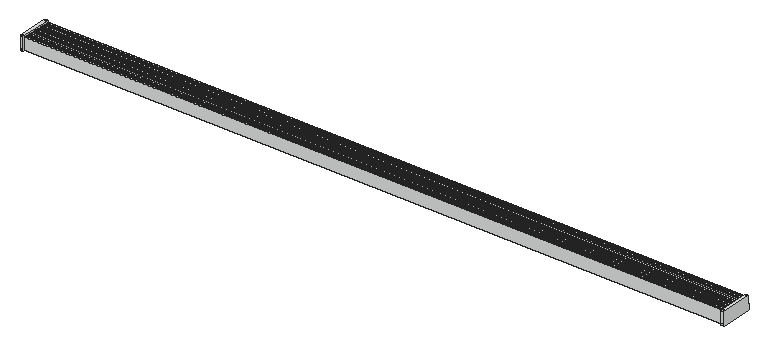
Revit family "Shower-Drain_Cover-KOHLER-Linear-K-80655", category Specialty Equipment, host Face, Revit 2017 (continued)
Definition of nested family "K-80655"
  Lines and regions (in)
    symbolic lines, detail levels medium+fine
      curve 2706: line (15.171, -0.19, 0) -> (15.171, -0.05, 0)
      curve 2707: line (15.8338, -0.29, 0) -> (15.171, -0.29, 0)
      curve 2708: line (15.8338, -0.43, 0) -> (15.171, -0.43, 0)
      curve 2709: line (15.8338, -0.19, 0) -> (15.171, -0.19, 0)
      curve 2710: line (15.8338, -0.05, 0) -> (15.171, -0.05, 0)
      curve 2711: line (15.8338, 1.01, 0) -> (15.8338, 1.05059, 0)
      curve 2712: arc (15.8338, 1.05059, 0) -> (15.80469, 1.12088, 0) -> (15.7344, 1.15, 0) r 0.09941
      curve 2713: line (15.8338, -1.01, 0) -> (15.8338, -1.04681, 0)
      curve 2714: arc (15.8338, -1.04681, 0) -> (15.80358, -1.11978, 0) -> (15.73061, -1.15, 0) r 0.10319
      curve 2715: line (15.05827, 0.05, 0) -> (15.05827, 0.19, 0)
      curve 2716: line (14.49459, 1.15, 0) -> (14.95886, 1.15, 0)
      curve 2717: line (14.39547, 1.05088, 0) -> (14.39547, 1.01, 0)
      curve 2718: arc (14.39547, 1.05088, 0) -> (14.4245, 1.12097, 0) -> (14.49459, 1.15, 0) r 0.09912
      curve 2719: line (14.39547, 0.91, 0) -> (15.05827, 0.91, 0)
      curve 2720: line (15.05827, 1.01, 0) -> (14.39547, 1.01, 0)
      curve 2721: line (14.39547, 0.91, 0) -> (14.39547, 0.77, 0)
      curve 2722: line (14.39547, 0.67, 0) -> (14.39547, 0.53, 0)
      curve 2723: line (15.05827, 0.77, 0) -> (14.39547, 0.77, 0)
      curve 2724: line (15.05827, 0.77, 0) -> (15.05827, 0.91, 0)
      curve 2725: line (15.05827, 0.67, 0) -> (14.39547, 0.67, 0)
      curve 2726: line (15.05827, 0.53, 0) -> (14.39547, 0.53, 0)
      curve 2727: line (14.39547, 0.43, 0) -> (14.39547, 0.29, 0)
      curve 2728: line (15.05827, 0.53, 0) -> (15.05827, 0.67, 0)
      curve 2729: line (15.05827, 0.29, 0) -> (15.05827, 0.43, 0)
      curve 2730: line (14.39547, 0.19, 0) -> (14.39547, 0.05, 0)
      curve 2731: line (15.05827, 0.29, 0) -> (14.39547, 0.29, 0)
      curve 2732: line (15.05827, 0.43, 0) -> (14.39547, 0.43, 0)
      curve 2733: line (15.05827, 0.19, 0) -> (14.39547, 0.19, 0)
      curve 2734: line (15.05827, 0.05, 0) -> (14.39547, 0.05, 0)
      curve 2735: line (15.05827, -0.05, 0) -> (15.05827, -0.19, 0)
      curve 2736: line (14.49459, -1.15, 0) -> (14.95508, -1.15, 0)
      curve 2737: line (14.39547, -1.05088, 0) -> (14.39547, -1.01, 0)
      curve 2738: arc (14.39547, -1.05088, 0) -> (14.4245, -1.12097, 0) -> (14.49459, -1.15, 0) r 0.09912
      curve 2739: line (14.39547, -0.91, 0) -> (15.05827, -0.91, 0)
      curve 2740: line (15.05827, -1.01, 0) -> (14.39547, -1.01, 0)
      curve 2741: line (14.39547, -0.91, 0) -> (14.39547, -0.77, 0)
      curve 2742: line (14.39547, -0.67, 0) -> (14.39547, -0.53, 0)
      curve 2743: line (15.05827, -0.77, 0) -> (14.39547, -0.77, 0)
      curve 2744: line (15.05827, -0.77, 0) -> (15.05827, -0.91, 0)
      curve 2745: line (15.05827, -0.67, 0) -> (14.39547, -0.67, 0)
      curve 2746: line (15.05827, -0.53, 0) -> (14.39547, -0.53, 0)
      curve 2747: line (14.39547, -0.43, 0) -> (14.39547, -0.29, 0)
      curve 2748: line (15.05827, -0.53, 0) -> (15.05827, -0.67, 0)
      curve 2749: line (15.05827, -0.29, 0) -> (15.05827, -0.43, 0)
      curve 2750: line (14.39547, -0.19, 0) -> (14.39547, -0.05, 0)
      curve 2751: line (15.05827, -0.29, 0) -> (14.39547, -0.29, 0)
      curve 2752: line (15.05827, -0.43, 0) -> (14.39547, -0.43, 0)
      curve 2753: line (15.05827, -0.19, 0) -> (14.39547, -0.19, 0)
      curve 2754: line (15.05827, -0.05, 0) -> (14.39547, -0.05, 0)
      curve 2755: line (15.05827, 1.01, 0) -> (15.05827, 1.05059, 0)
      curve 2756: arc (15.05827, 1.05059, 0) -> (15.02916, 1.12088, 0) -> (14.95886, 1.15, 0) r 0.09941
      curve 2757: line (15.05827, -1.01, 0) -> (15.05827, -1.04681, 0)
      curve 2758: arc (15.05827, -1.04681, 0) -> (15.02805, -1.11978, 0) -> (14.95508, -1.15, 0) r 0.10319
      curve 2759: line (13.61936, 0.05, 0) -> (13.61936, 0.19, 0)
      curve 2760: arc (13.61936, 0.83109, 0) -> (13.63109, 0.87565, 0) -> (13.6618, 0.91, 0) r 0.09854
      curve 2761: arc (13.72671, 1.01, 0) -> (13.72965, 1.02893, 0) -> (13.73039, 1.04807, 0) r 0.16707
      curve 2762: line (14.18304, 1.15, 0) -> (13.83047, 1.15, 0)
      curve 2763: arc (14.28216, 1.05088, 0) -> (14.25312, 1.12097, 0) -> (14.18304, 1.15, 0) r 0.09912
      curve 2764: arc (13.83047, 1.15, 0) -> (13.75904, 1.12003, 0) -> (13.73039, 1.04807, 0) r 0.10009
      curve 2765: arc (13.476, 1.01, 0) -> (13.56336, 1.13911, 0) -> (13.65071, 1.01, 0) r 0.09411
      curve 2766: line (13.50736, 0.05, 0) -> (13.50736, 0.19, 0)
      curve 2767: arc (13.50736, 0.83109, 0) -> (13.49562, 0.87565, 0) -> (13.46491, 0.91, 0) r 0.09854
      curve 2768: arc (13.4, 1.01, 0) -> (13.39707, 1.02893, 0) -> (13.39632, 1.04807, 0) r 0.16707
      curve 2769: line (12.94368, 1.15, 0) -> (13.29625, 1.15, 0)
      curve 2770: line (12.84456, 1.05088, 0) -> (12.84456, 1.01, 0)
      curve 2771: arc (12.84456, 1.05088, 0) -> (12.87359, 1.12097, 0) -> (12.94368, 1.15, 0) r 0.09912
      curve 2772: arc (13.29625, 1.15, 0) -> (13.36767, 1.12003, 0) -> (13.39632, 1.04807, 0) r 0.10009
      curve 2773: line (12.84456, 0.91, 0) -> (13.46491, 0.91, 0)
      curve 2774: line (14.28216, 0.05, 0) -> (14.28216, 0.19, 0)
      curve 2775: line (14.28216, 1.01, 0) -> (13.72671, 1.01, 0)
      curve 2776: line (13.4, 1.01, 0) -> (12.84456, 1.01, 0)
      curve 2777: line (13.65071, 1.01, 0) -> (13.476, 1.01, 0)
      curve 2778: line (14.28216, 1.01, 0) -> (14.28216, 1.05088, 0)
      curve 2779: line (12.84456, 0.91, 0) -> (12.84456, 0.77, 0)
      curve 2780: line (14.28216, 0.77, 0) -> (13.61936, 0.77, 0)
      curve 2781: line (13.6618, 0.91, 0) -> (14.28216, 0.91, 0)
      curve 2782: line (12.84456, 0.67, 0) -> (12.84456, 0.53, 0)
      curve 2783: line (13.50736, 0.77, 0) -> (12.84456, 0.77, 0)
      curve 2784: line (13.61936, 0.77, 0) -> (13.61936, 0.83109, 0)
      curve 2785: line (13.50736, 0.77, 0) -> (13.50736, 0.83109, 0)
      curve 2786: line (14.28216, 0.77, 0) -> (14.28216, 0.91, 0)
      curve 2787: line (14.28216, 0.67, 0) -> (13.61936, 0.67, 0)
      curve 2788: line (14.28216, 0.53, 0) -> (13.61936, 0.53, 0)
      curve 2789: line (13.50736, 0.67, 0) -> (12.84456, 0.67, 0)
      curve 2790: line (13.50736, 0.53, 0) -> (12.84456, 0.53, 0)
      curve 2791: line (14.28216, 0.53, 0) -> (14.28216, 0.67, 0)
      curve 2792: line (12.84456, 0.43, 0) -> (12.84456, 0.29, 0)
      curve 2793: line (13.50736, 0.53, 0) -> (13.50736, 0.67, 0)
      curve 2794: line (13.61936, 0.53, 0) -> (13.61936, 0.67, 0)
      curve 2795: line (14.28216, 0.43, 0) -> (13.61936, 0.43, 0)
      curve 2796: line (14.28216, 0.29, 0) -> (13.61936, 0.29, 0)
      curve 2797: line (14.28216, 0.29, 0) -> (14.28216, 0.43, 0)
      curve 2798: line (13.61936, 0.29, 0) -> (13.61936, 0.43, 0)
      curve 2799: line (13.50736, 0.29, 0) -> (13.50736, 0.43, 0)
      curve 2800: line (12.84456, 0.19, 0) -> (12.84456, 0.05, 0)
      curve 2801: line (13.50736, 0.29, 0) -> (12.84456, 0.29, 0)
      curve 2802: line (13.50736, 0.43, 0) -> (12.84456, 0.43, 0)
      curve 2803: line (14.28216, 0.19, 0) -> (13.61936, 0.19, 0)
      curve 2804: line (14.28216, 0.05, 0) -> (13.61936, 0.05, 0)
      curve 2805: line (13.50736, 0.19, 0) -> (12.84456, 0.19, 0)
      curve 2806: line (13.50736, 0.05, 0) -> (12.84456, 0.05, 0)
      curve 2807: line (13.61936, -0.05, 0) -> (13.61936, -0.19, 0)
      curve 2808: arc (13.61936, -0.83109, 0) -> (13.63109, -0.87565, 0) -> (13.6618, -0.91, 0) r 0.09854
      curve 2809: arc (13.72671, -1.01, 0) -> (13.72965, -1.02893, 0) -> (13.73039, -1.04807, 0) r 0.16707
      curve 2810: line (14.18304, -1.15, 0) -> (13.83047, -1.15, 0)
      curve 2811: arc (14.28216, -1.05088, 0) -> (14.25312, -1.12097, 0) -> (14.18304, -1.15, 0) r 0.09912
      curve 2812: arc (13.83047, -1.15, 0) -> (13.75904, -1.12003, 0) -> (13.73039, -1.04807, 0) r 0.10009
      curve 2813: arc (13.476, -1.01, 0) -> (13.56336, -1.13911, 0) -> (13.65071, -1.01, 0) r 0.09411
      curve 2814: line (13.50736, -0.05, 0) -> (13.50736, -0.19, 0)
      curve 2815: arc (13.50736, -0.83109, 0) -> (13.49562, -0.87565, 0) -> (13.46491, -0.91, 0) r 0.09854
      curve 2816: arc (13.4, -1.01, 0) -> (13.39707, -1.02893, 0) -> (13.39632, -1.04807, 0) r 0.16707
      curve 2817: line (12.94368, -1.15, 0) -> (13.29625, -1.15, 0)
      curve 2818: line (12.84456, -1.05088, 0) -> (12.84456, -1.01, 0)
      curve 2819: arc (12.84456, -1.05088, 0) -> (12.87359, -1.12097, 0) -> (12.94368, -1.15, 0) r 0.09912
      curve 2820: arc (13.29625, -1.15, 0) -> (13.36767, -1.12003, 0) -> (13.39632, -1.04807, 0) r 0.10009
      curve 2821: line (12.84456, -0.91, 0) -> (13.46491, -0.91, 0)
      curve 2822: line (14.28216, -0.05, 0) -> (14.28216, -0.19, 0)
      curve 2823: line (14.28216, -1.01, 0) -> (13.72671, -1.01, 0)
      curve 2824: line (13.4, -1.01, 0) -> (12.84456, -1.01, 0)
      curve 2825: line (13.65071, -1.01, 0) -> (13.476, -1.01, 0)
      curve 2826: line (14.28216, -1.01, 0) -> (14.28216, -1.05088, 0)
      curve 2827: line (12.84456, -0.91, 0) -> (12.84456, -0.77, 0)
      curve 2828: line (14.28216, -0.77, 0) -> (13.61936, -0.77, 0)
      curve 2829: line (13.6618, -0.91, 0) -> (14.28216, -0.91, 0)
      curve 2830: line (12.84456, -0.67, 0) -> (12.84456, -0.53, 0)
      curve 2831: line (13.50736, -0.77, 0) -> (12.84456, -0.77, 0)
      curve 2832: line (13.61936, -0.77, 0) -> (13.61936, -0.83109, 0)
      curve 2833: line (13.50736, -0.77, 0) -> (13.50736, -0.83109, 0)
      curve 2834: line (14.28216, -0.77, 0) -> (14.28216, -0.91, 0)
      curve 2835: line (14.28216, -0.67, 0) -> (13.61936, -0.67, 0)
      curve 2836: line (14.28216, -0.53, 0) -> (13.61936, -0.53, 0)
      curve 2837: line (13.50736, -0.67, 0) -> (12.84456, -0.67, 0)
      curve 2838: line (13.50736, -0.53, 0) -> (12.84456, -0.53, 0)
      curve 2839: line (14.28216, -0.53, 0) -> (14.28216, -0.67, 0)
      curve 2840: line (12.84456, -0.43, 0) -> (12.84456, -0.29, 0)
      curve 2841: line (13.50736, -0.53, 0) -> (13.50736, -0.67, 0)
      curve 2842: line (13.61936, -0.53, 0) -> (13.61936, -0.67, 0)
      curve 2843: line (14.28216, -0.43, 0) -> (13.61936, -0.43, 0)
      curve 2844: line (14.28216, -0.29, 0) -> (13.61936, -0.29, 0)
      curve 2845: line (14.28216, -0.29, 0) -> (14.28216, -0.43, 0)
      curve 2846: line (13.61936, -0.29, 0) -> (13.61936, -0.43, 0)
      curve 2847: line (13.50736, -0.29, 0) -> (13.50736, -0.43, 0)
      curve 2848: line (12.84456, -0.19, 0) -> (12.84456, -0.05, 0)
      curve 2849: line (13.50736, -0.29, 0) -> (12.84456, -0.29, 0)
      curve 2850: line (13.50736, -0.43, 0) -> (12.84456, -0.43, 0)
      curve 2851: line (14.28216, -0.19, 0) -> (13.61936, -0.19, 0)
      curve 2852: line (14.28216, -0.05, 0) -> (13.61936, -0.05, 0)
      curve 2853: line (13.50736, -0.19, 0) -> (12.84456, -0.19, 0)
      curve 2854: line (13.50736, -0.05, 0) -> (12.84456, -0.05, 0)
      curve 2855: line (12.73274, 0.05, 0) -> (12.73274, 0.19, 0)
      curve 2856: line (12.16905, 1.15, 0) -> (12.63333, 1.15, 0)
      curve 2857: line (12.06994, 1.05088, 0) -> (12.06994, 1.01, 0)
      curve 2858: arc (12.06994, 1.05088, 0) -> (12.09897, 1.12097, 0) -> (12.16905, 1.15, 0) r 0.09912
      curve 2859: line (12.06994, 0.91, 0) -> (12.73274, 0.91, 0)
      curve 2860: line (12.73274, 1.01, 0) -> (12.06994, 1.01, 0)
      curve 2861: line (12.06994, 0.91, 0) -> (12.06994, 0.77, 0)
      curve 2862: line (12.06994, 0.67, 0) -> (12.06994, 0.53, 0)
      curve 2863: line (12.73274, 0.77, 0) -> (12.06994, 0.77, 0)
      curve 2864: line (12.73274, 0.77, 0) -> (12.73274, 0.91, 0)
      curve 2865: line (12.73274, 0.67, 0) -> (12.06994, 0.67, 0)
      curve 2866: line (12.73274, 0.53, 0) -> (12.06994, 0.53, 0)
      curve 2867: line (12.06994, 0.43, 0) -> (12.06994, 0.29, 0)
      curve 2868: line (12.73274, 0.53, 0) -> (12.73274, 0.67, 0)
      curve 2869: line (12.73274, 0.29, 0) -> (12.73274, 0.43, 0)
      curve 2870: line (12.06994, 0.19, 0) -> (12.06994, 0.05, 0)
      curve 2871: line (12.73274, 0.29, 0) -> (12.06994, 0.29, 0)
      curve 2872: line (12.73274, 0.43, 0) -> (12.06994, 0.43, 0)
      curve 2873: line (12.73274, 0.19, 0) -> (12.06994, 0.19, 0)
      curve 2874: line (12.73274, 0.05, 0) -> (12.06994, 0.05, 0)
      curve 2875: line (12.73274, -0.05, 0) -> (12.73274, -0.19, 0)
      curve 2876: line (12.16905, -1.15, 0) -> (12.62954, -1.15, 0)
      curve 2877: line (12.06994, -1.05088, 0) -> (12.06994, -1.01, 0)
      curve 2878: arc (12.06994, -1.05088, 0) -> (12.09897, -1.12097, 0) -> (12.16905, -1.15, 0) r 0.09912
      curve 2879: line (12.06994, -0.91, 0) -> (12.73274, -0.91, 0)
      curve 2880: line (12.73274, -1.01, 0) -> (12.06994, -1.01, 0)
      curve 2881: line (12.06994, -0.91, 0) -> (12.06994, -0.77, 0)
      curve 2882: line (12.06994, -0.67, 0) -> (12.06994, -0.53, 0)
      curve 2883: line (12.73274, -0.77, 0) -> (12.06994, -0.77, 0)
      curve 2884: line (12.73274, -0.77, 0) -> (12.73274, -0.91, 0)
      curve 2885: line (12.73274, -0.67, 0) -> (12.06994, -0.67, 0)
      curve 2886: line (12.73274, -0.53, 0) -> (12.06994, -0.53, 0)
      curve 2887: line (12.06994, -0.43, 0) -> (12.06994, -0.29, 0)
      curve 2888: line (12.73274, -0.53, 0) -> (12.73274, -0.67, 0)
      curve 2889: line (12.73274, -0.29, 0) -> (12.73274, -0.43, 0)
      curve 2890: line (12.06994, -0.19, 0) -> (12.06994, -0.05, 0)
      curve 2891: line (12.73274, -0.29, 0) -> (12.06994, -0.29, 0)
      curve 2892: line (12.73274, -0.43, 0) -> (12.06994, -0.43, 0)
      curve 2893: line (12.73274, -0.19, 0) -> (12.06994, -0.19, 0)
      curve 2894: line (12.73274, -0.05, 0) -> (12.06994, -0.05, 0)
      curve 2895: line (12.73274, 1.01, 0) -> (12.73274, 1.05059, 0)
      curve 2896: arc (12.73274, 1.05059, 0) -> (12.70362, 1.12088, 0) -> (12.63333, 1.15, 0) r 0.09941
      curve 2897: line (12.73274, -1.01, 0) -> (12.73274, -1.04681, 0)
      curve 2898: arc (12.73274, -1.04681, 0) -> (12.70251, -1.11978, 0) -> (12.62954, -1.15, 0) r 0.10319
      curve 2899: line (11.95767, 0.05, 0) -> (11.95767, 0.19, 0)
      curve 2900: line (11.39399, 1.15, 0) -> (11.85826, 1.15, 0)
      curve 2901: line (11.29487, 1.05088, 0) -> (11.29487, 1.01, 0)
      curve 2902: arc (11.29487, 1.05088, 0) -> (11.3239, 1.12097, 0) -> (11.39399, 1.15, 0) r 0.09912
      curve 2903: line (11.29487, 0.91, 0) -> (11.95767, 0.91, 0)
      curve 2904: line (11.95767, 1.01, 0) -> (11.29487, 1.01, 0)
      curve 2905: line (11.29487, 0.91, 0) -> (11.29487, 0.77, 0)
      curve 2906: line (11.29487, 0.67, 0) -> (11.29487, 0.53, 0)
      curve 2907: line (11.95767, 0.77, 0) -> (11.29487, 0.77, 0)
      curve 2908: line (11.95767, 0.77, 0) -> (11.95767, 0.91, 0)
      curve 2909: line (11.95767, 0.67, 0) -> (11.29487, 0.67, 0)
      curve 2910: line (11.95767, 0.53, 0) -> (11.29487, 0.53, 0)
      curve 2911: line (11.29487, 0.43, 0) -> (11.29487, 0.29, 0)
      curve 2912: line (11.95767, 0.53, 0) -> (11.95767, 0.67, 0)
      curve 2913: line (11.95767, 0.29, 0) -> (11.95767, 0.43, 0)
      curve 2914: line (11.29487, 0.19, 0) -> (11.29487, 0.05, 0)
      curve 2915: line (11.95767, 0.29, 0) -> (11.29487, 0.29, 0)
      curve 2916: line (11.95767, 0.43, 0) -> (11.29487, 0.43, 0)
      curve 2917: line (11.95767, 0.19, 0) -> (11.29487, 0.19, 0)
      curve 2918: line (11.95767, 0.05, 0) -> (11.29487, 0.05, 0)
      curve 2919: line (11.95767, -0.05, 0) -> (11.95767, -0.19, 0)
      curve 2920: line (11.39399, -1.15, 0) -> (11.85448, -1.15, 0)
      curve 2921: line (11.29487, -1.05088, 0) -> (11.29487, -1.01, 0)
      curve 2922: arc (11.29487, -1.05088, 0) -> (11.3239, -1.12097, 0) -> (11.39399, -1.15, 0) r 0.09912
      curve 2923: line (11.29487, -0.91, 0) -> (11.95767, -0.91, 0)
      curve 2924: line (11.95767, -1.01, 0) -> (11.29487, -1.01, 0)
      curve 2925: line (11.29487, -0.91, 0) -> (11.29487, -0.77, 0)
      curve 2926: line (11.29487, -0.67, 0) -> (11.29487, -0.53, 0)
      curve 2927: line (11.95767, -0.77, 0) -> (11.29487, -0.77, 0)
      curve 2928: line (11.95767, -0.77, 0) -> (11.95767, -0.91, 0)
      curve 2929: line (11.95767, -0.67, 0) -> (11.29487, -0.67, 0)
      curve 2930: line (11.95767, -0.53, 0) -> (11.29487, -0.53, 0)
      curve 2931: line (11.29487, -0.43, 0) -> (11.29487, -0.29, 0)
      curve 2932: line (11.95767, -0.53, 0) -> (11.95767, -0.67, 0)
      curve 2933: line (11.95767, -0.29, 0) -> (11.95767, -0.43, 0)
      curve 2934: line (11.29487, -0.19, 0) -> (11.29487, -0.05, 0)
      curve 2935: line (11.95767, -0.29, 0) -> (11.29487, -0.29, 0)
      curve 2936: line (11.95767, -0.43, 0) -> (11.29487, -0.43, 0)
      curve 2937: line (11.95767, -0.19, 0) -> (11.29487, -0.19, 0)
      curve 2938: line (11.95767, -0.05, 0) -> (11.29487, -0.05, 0)
      curve 2939: line (11.95767, 1.01, 0) -> (11.95767, 1.05059, 0)
      curve 2940: arc (11.95767, 1.05059, 0) -> (11.92856, 1.12088, 0) -> (11.85826, 1.15, 0) r 0.09941
      curve 2941: line (11.95767, -1.01, 0) -> (11.95767, -1.04681, 0)
      curve 2942: arc (11.95767, -1.04681, 0) -> (11.92745, -1.11978, 0) -> (11.85448, -1.15, 0) r 0.10319
      curve 2943: line (11.18214, 0.05, 0) -> (11.18214, 0.19, 0)
      curve 2944: line (10.61846, 1.15, 0) -> (11.08273, 1.15, 0)
      curve 2945: line (10.51934, 1.05088, 0) -> (10.51934, 1.01, 0)
      curve 2946: arc (10.51934, 1.05088, 0) -> (10.54837, 1.12097, 0) -> (10.61846, 1.15, 0) r 0.09912
      curve 2947: line (10.51934, 0.91, 0) -> (11.18214, 0.91, 0)
      curve 2948: line (11.18214, 1.01, 0) -> (10.51934, 1.01, 0)
      curve 2949: line (10.51934, 0.91, 0) -> (10.51934, 0.77, 0)
      curve 2950: line (10.51934, 0.67, 0) -> (10.51934, 0.53, 0)
      curve 2951: line (11.18214, 0.77, 0) -> (10.51934, 0.77, 0)
      curve 2952: line (11.18214, 0.77, 0) -> (11.18214, 0.91, 0)
      curve 2953: line (11.18214, 0.67, 0) -> (10.51934, 0.67, 0)
      curve 2954: line (11.18214, 0.53, 0) -> (10.51934, 0.53, 0)
      curve 2955: line (10.51934, 0.43, 0) -> (10.51934, 0.29, 0)
      curve 2956: line (11.18214, 0.53, 0) -> (11.18214, 0.67, 0)
      curve 2957: line (11.18214, 0.29, 0) -> (11.18214, 0.43, 0)
      curve 2958: line (10.51934, 0.19, 0) -> (10.51934, 0.05, 0)
      curve 2959: line (11.18214, 0.29, 0) -> (10.51934, 0.29, 0)
      curve 2960: line (11.18214, 0.43, 0) -> (10.51934, 0.43, 0)
      curve 2961: line (11.18214, 0.19, 0) -> (10.51934, 0.19, 0)
      curve 2962: line (11.18214, 0.05, 0) -> (10.51934, 0.05, 0)
      curve 2963: line (11.18214, -0.05, 0) -> (11.18214, -0.19, 0)
      curve 2964: line (10.61846, -1.15, 0) -> (11.07894, -1.15, 0)
      curve 2965: line (10.51934, -1.05088, 0) -> (10.51934, -1.01, 0)
      curve 2966: arc (10.51934, -1.05088, 0) -> (10.54837, -1.12097, 0) -> (10.61846, -1.15, 0) r 0.09912
      curve 2967: line (10.51934, -0.91, 0) -> (11.18214, -0.91, 0)
      curve 2968: line (11.18214, -1.01, 0) -> (10.51934, -1.01, 0)
      curve 2969: line (10.51934, -0.91, 0) -> (10.51934, -0.77, 0)
      curve 2970: line (10.51934, -0.67, 0) -> (10.51934, -0.53, 0)
      curve 2971: line (11.18214, -0.77, 0) -> (10.51934, -0.77, 0)
      curve 2972: line (11.18214, -0.77, 0) -> (11.18214, -0.91, 0)
      curve 2973: line (11.18214, -0.67, 0) -> (10.51934, -0.67, 0)
      curve 2974: line (11.18214, -0.53, 0) -> (10.51934, -0.53, 0)
      curve 2975: line (10.51934, -0.43, 0) -> (10.51934, -0.29, 0)
      curve 2976: line (11.18214, -0.53, 0) -> (11.18214, -0.67, 0)
      curve 2977: line (11.18214, -0.29, 0) -> (11.18214, -0.43, 0)
      curve 2978: line (10.51934, -0.19, 0) -> (10.51934, -0.05, 0)
      curve 2979: line (11.18214, -0.29, 0) -> (10.51934, -0.29, 0)
      curve 2980: line (11.18214, -0.43, 0) -> (10.51934, -0.43, 0)
      curve 2981: line (11.18214, -0.19, 0) -> (10.51934, -0.19, 0)
      curve 2982: line (11.18214, -0.05, 0) -> (10.51934, -0.05, 0)
      curve 2983: line (11.18214, 1.01, 0) -> (11.18214, 1.05059, 0)
      curve 2984: arc (11.18214, 1.05059, 0) -> (11.15302, 1.12088, 0) -> (11.08273, 1.15, 0) r 0.09941
      curve 2985: line (11.18214, -1.01, 0) -> (11.18214, -1.04681, 0)
      curve 2986: arc (11.18214, -1.04681, 0) -> (11.15191, -1.11978, 0) -> (11.07894, -1.15, 0) r 0.10319
      curve 2987: line (9.74468, 0.05, 0) -> (9.74468, 0.19, 0)
      curve 2988: arc (9.74468, 0.83109, 0) -> (9.75642, 0.87565, 0) -> (9.78713, 0.91, 0) r 0.09854
      curve 2989: arc (9.85204, 1.01, 0) -> (9.85497, 1.02893, 0) -> (9.85572, 1.04807, 0) r 0.16707
      curve 2990: line (10.30836, 1.15, 0) -> (9.95579, 1.15, 0)
      curve 2991: arc (10.40748, 1.05088, 0) -> (10.37845, 1.12097, 0) -> (10.30836, 1.15, 0) r 0.09912
      curve 2992: arc (9.95579, 1.15, 0) -> (9.88437, 1.12003, 0) -> (9.85572, 1.04807, 0) r 0.10009
      curve 2993: arc (9.60133, 1.01, 0) -> (9.68868, 1.13911, 0) -> (9.77604, 1.01, 0) r 0.09411
      curve 2994: line (9.63268, 0.05, 0) -> (9.63268, 0.19, 0)
      curve 2995: arc (9.63268, 0.83109, 0) -> (9.62095, 0.87565, 0) -> (9.59023, 0.91, 0) r 0.09854
      curve 2996: arc (9.52533, 1.01, 0) -> (9.52239, 1.02893, 0) -> (9.52165, 1.04807, 0) r 0.16707
      curve 2997: line (9.069, 1.15, 0) -> (9.42157, 1.15, 0)
      curve 2998: line (8.96988, 1.05088, 0) -> (8.96988, 1.01, 0)
      curve 2999: arc (8.96988, 1.05088, 0) -> (8.99891, 1.12097, 0) -> (9.069, 1.15, 0) r 0.09912
      curve 3000: arc (9.42157, 1.15, 0) -> (9.493, 1.12003, 0) -> (9.52165, 1.04807, 0) r 0.10009
      curve 3001: line (8.96988, 0.91, 0) -> (9.59023, 0.91, 0)
      curve 3002: line (10.40748, 0.05, 0) -> (10.40748, 0.19, 0)
      curve 3003: line (10.40748, 1.01, 0) -> (9.85204, 1.01, 0)
      curve 3004: line (9.52533, 1.01, 0) -> (8.96988, 1.01, 0)
      curve 3005: line (9.77604, 1.01, 0) -> (9.60133, 1.01, 0)
      curve 3006: line (10.40748, 1.01, 0) -> (10.40748, 1.05088, 0)
      curve 3007: line (8.96988, 0.91, 0) -> (8.96988, 0.77, 0)
      curve 3008: line (10.40748, 0.77, 0) -> (9.74468, 0.77, 0)
      curve 3009: line (9.78713, 0.91, 0) -> (10.40748, 0.91, 0)
      curve 3010: line (8.96988, 0.67, 0) -> (8.96988, 0.53, 0)
      curve 3011: line (9.63268, 0.77, 0) -> (8.96988, 0.77, 0)
      curve 3012: line (9.74468, 0.77, 0) -> (9.74468, 0.83109, 0)
      curve 3013: line (9.63268, 0.77, 0) -> (9.63268, 0.83109, 0)
      curve 3014: line (10.40748, 0.77, 0) -> (10.40748, 0.91, 0)
      curve 3015: line (10.40748, 0.67, 0) -> (9.74468, 0.67, 0)
      curve 3016: line (10.40748, 0.53, 0) -> (9.74468, 0.53, 0)
      curve 3017: line (9.63268, 0.67, 0) -> (8.96988, 0.67, 0)
      curve 3018: line (9.63268, 0.53, 0) -> (8.96988, 0.53, 0)
      curve 3019: line (10.40748, 0.53, 0) -> (10.40748, 0.67, 0)
      curve 3020: line (8.96988, 0.43, 0) -> (8.96988, 0.29, 0)
      curve 3021: line (9.63268, 0.53, 0) -> (9.63268, 0.67, 0)
      curve 3022: line (9.74468, 0.53, 0) -> (9.74468, 0.67, 0)
      curve 3023: line (10.40748, 0.43, 0) -> (9.74468, 0.43, 0)
      curve 3024: line (10.40748, 0.29, 0) -> (9.74468, 0.29, 0)
      curve 3025: line (10.40748, 0.29, 0) -> (10.40748, 0.43, 0)
      curve 3026: line (9.74468, 0.29, 0) -> (9.74468, 0.43, 0)
      curve 3027: line (9.63268, 0.29, 0) -> (9.63268, 0.43, 0)
      curve 3028: line (8.96988, 0.19, 0) -> (8.96988, 0.05, 0)
      curve 3029: line (9.63268, 0.29, 0) -> (8.96988, 0.29, 0)
      curve 3030: line (9.63268, 0.43, 0) -> (8.96988, 0.43, 0)
      curve 3031: line (10.40748, 0.19, 0) -> (9.74468, 0.19, 0)
      curve 3032: line (10.40748, 0.05, 0) -> (9.74468, 0.05, 0)
      curve 3033: line (9.63268, 0.19, 0) -> (8.96988, 0.19, 0)
      curve 3034: line (9.63268, 0.05, 0) -> (8.96988, 0.05, 0)
      curve 3035: line (9.74468, -0.05, 0) -> (9.74468, -0.19, 0)
      curve 3036: arc (9.74468, -0.83109, 0) -> (9.75642, -0.87565, 0) -> (9.78713, -0.91, 0) r 0.09854
      curve 3037: arc (9.85204, -1.01, 0) -> (9.85497, -1.02893, 0) -> (9.85572, -1.04807, 0) r 0.16707
      curve 3038: line (10.30836, -1.15, 0) -> (9.95579, -1.15, 0)
      curve 3039: arc (10.40748, -1.05088, 0) -> (10.37845, -1.12097, 0) -> (10.30836, -1.15, 0) r 0.09912
      curve 3040: arc (9.95579, -1.15, 0) -> (9.88437, -1.12003, 0) -> (9.85572, -1.04807, 0) r 0.10009
      curve 3041: arc (9.60133, -1.01, 0) -> (9.68868, -1.13911, 0) -> (9.77604, -1.01, 0) r 0.09411
      curve 3042: line (9.63268, -0.05, 0) -> (9.63268, -0.19, 0)
      curve 3043: arc (9.63268, -0.83109, 0) -> (9.62095, -0.87565, 0) -> (9.59023, -0.91, 0) r 0.09854
      curve 3044: arc (9.52533, -1.01, 0) -> (9.52239, -1.02893, 0) -> (9.52165, -1.04807, 0) r 0.16707
      curve 3045: line (9.069, -1.15, 0) -> (9.42157, -1.15, 0)
      curve 3046: line (8.96988, -1.05088, 0) -> (8.96988, -1.01, 0)
      curve 3047: arc (8.96988, -1.05088, 0) -> (8.99891, -1.12097, 0) -> (9.069, -1.15, 0) r 0.09912
      curve 3048: arc (9.42157, -1.15, 0) -> (9.493, -1.12003, 0) -> (9.52165, -1.04807, 0) r 0.10009
      curve 3049: line (8.96988, -0.91, 0) -> (9.59023, -0.91, 0)
      curve 3050: line (10.40748, -0.05, 0) -> (10.40748, -0.19, 0)
      curve 3051: line (10.40748, -1.01, 0) -> (9.85204, -1.01, 0)
      curve 3052: line (9.52533, -1.01, 0) -> (8.96988, -1.01, 0)
      curve 3053: line (9.77604, -1.01, 0) -> (9.60133, -1.01, 0)
      curve 3054: line (10.40748, -1.01, 0) -> (10.40748, -1.05088, 0)
      curve 3055: line (8.96988, -0.91, 0) -> (8.96988, -0.77, 0)
      curve 3056: line (10.40748, -0.77, 0) -> (9.74468, -0.77, 0)
      curve 3057: line (9.78713, -0.91, 0) -> (10.40748, -0.91, 0)
      curve 3058: line (8.96988, -0.67, 0) -> (8.96988, -0.53, 0)
      curve 3059: line (9.63268, -0.77, 0) -> (8.96988, -0.77, 0)
      curve 3060: line (9.74468, -0.77, 0) -> (9.74468, -0.83109, 0)
      curve 3061: line (9.63268, -0.77, 0) -> (9.63268, -0.83109, 0)
      curve 3062: line (10.40748, -0.77, 0) -> (10.40748, -0.91, 0)
      curve 3063: line (10.40748, -0.67, 0) -> (9.74468, -0.67, 0)
      curve 3064: line (10.40748, -0.53, 0) -> (9.74468, -0.53, 0)
      curve 3065: line (9.63268, -0.67, 0) -> (8.96988, -0.67, 0)
      curve 3066: line (9.63268, -0.53, 0) -> (8.96988, -0.53, 0)
      curve 3067: line (10.40748, -0.53, 0) -> (10.40748, -0.67, 0)
      curve 3068: line (8.96988, -0.43, 0) -> (8.96988, -0.29, 0)
      curve 3069: line (9.63268, -0.53, 0) -> (9.63268, -0.67, 0)
      curve 3070: line (9.74468, -0.53, 0) -> (9.74468, -0.67, 0)
      curve 3071: line (10.40748, -0.43, 0) -> (9.74468, -0.43, 0)
      curve 3072: line (10.40748, -0.29, 0) -> (9.74468, -0.29, 0)
      curve 3073: line (10.40748, -0.29, 0) -> (10.40748, -0.43, 0)
      curve 3074: line (9.74468, -0.29, 0) -> (9.74468, -0.43, 0)
      curve 3075: line (9.63268, -0.29, 0) -> (9.63268, -0.43, 0)
      curve 3076: line (8.96988, -0.19, 0) -> (8.96988, -0.05, 0)
      curve 3077: line (9.63268, -0.29, 0) -> (8.96988, -0.29, 0)
      curve 3078: line (9.63268, -0.43, 0) -> (8.96988, -0.43, 0)
      curve 3079: line (10.40748, -0.19, 0) -> (9.74468, -0.19, 0)
      curve 3080: line (10.40748, -0.05, 0) -> (9.74468, -0.05, 0)
      curve 3081: line (9.63268, -0.19, 0) -> (8.96988, -0.19, 0)
      curve 3082: line (9.63268, -0.05, 0) -> (8.96988, -0.05, 0)
      curve 3083: line (8.85806, 0.05, 0) -> (8.85806, 0.19, 0)
      curve 3084: line (8.29438, 1.15, 0) -> (8.75866, 1.15, 0)
      curve 3085: line (8.19526, 1.05088, 0) -> (8.19526, 1.01, 0)
      curve 3086: arc (8.19526, 1.05088, 0) -> (8.22429, 1.12097, 0) -> (8.29438, 1.15, 0) r 0.09912
      curve 3087: line (8.19526, 0.91, 0) -> (8.85806, 0.91, 0)
      curve 3088: line (8.85806, 1.01, 0) -> (8.19526, 1.01, 0)
      curve 3089: line (8.19526, 0.91, 0) -> (8.19526, 0.77, 0)
      curve 3090: line (8.19526, 0.67, 0) -> (8.19526, 0.53, 0)
      curve 3091: line (8.85806, 0.77, 0) -> (8.19526, 0.77, 0)
      curve 3092: line (8.85806, 0.77, 0) -> (8.85806, 0.91, 0)
      curve 3093: line (8.85806, 0.67, 0) -> (8.19526, 0.67, 0)
      curve 3094: line (8.85806, 0.53, 0) -> (8.19526, 0.53, 0)
      curve 3095: line (8.19526, 0.43, 0) -> (8.19526, 0.29, 0)
      curve 3096: line (8.85806, 0.53, 0) -> (8.85806, 0.67, 0)
      curve 3097: line (8.85806, 0.29, 0) -> (8.85806, 0.43, 0)
      curve 3098: line (8.19526, 0.19, 0) -> (8.19526, 0.05, 0)
      curve 3099: line (8.85806, 0.29, 0) -> (8.19526, 0.29, 0)
      curve 3100: line (8.85806, 0.43, 0) -> (8.19526, 0.43, 0)
      curve 3101: line (8.85806, 0.19, 0) -> (8.19526, 0.19, 0)
      curve 3102: line (8.85806, 0.05, 0) -> (8.19526, 0.05, 0)
      curve 3103: line (8.85806, -0.05, 0) -> (8.85806, -0.19, 0)
      curve 3104: line (8.29438, -1.15, 0) -> (8.75487, -1.15, 0)
      curve 3105: line (8.19526, -1.05088, 0) -> (8.19526, -1.01, 0)
      curve 3106: arc (8.19526, -1.05088, 0) -> (8.22429, -1.12097, 0) -> (8.29438, -1.15, 0) r 0.09912
      curve 3107: line (8.19526, -0.91, 0) -> (8.85806, -0.91, 0)
      curve 3108: line (8.85806, -1.01, 0) -> (8.19526, -1.01, 0)
      curve 3109: line (8.19526, -0.91, 0) -> (8.19526, -0.77, 0)
      curve 3110: line (8.19526, -0.67, 0) -> (8.19526, -0.53, 0)
      curve 3111: line (8.85806, -0.77, 0) -> (8.19526, -0.77, 0)
      curve 3112: line (8.85806, -0.77, 0) -> (8.85806, -0.91, 0)
      curve 3113: line (8.85806, -0.67, 0) -> (8.19526, -0.67, 0)
      curve 3114: line (8.85806, -0.53, 0) -> (8.19526, -0.53, 0)
      curve 3115: line (8.19526, -0.43, 0) -> (8.19526, -0.29, 0)
      curve 3116: line (8.85806, -0.53, 0) -> (8.85806, -0.67, 0)
      curve 3117: line (8.85806, -0.29, 0) -> (8.85806, -0.43, 0)
      curve 3118: line (8.19526, -0.19, 0) -> (8.19526, -0.05, 0)
      curve 3119: line (8.85806, -0.29, 0) -> (8.19526, -0.29, 0)
      curve 3120: line (8.85806, -0.43, 0) -> (8.19526, -0.43, 0)
      curve 3121: line (8.85806, -0.19, 0) -> (8.19526, -0.19, 0)
      curve 3122: line (8.85806, -0.05, 0) -> (8.19526, -0.05, 0)
      curve 3123: line (8.85806, 1.01, 0) -> (8.85806, 1.05059, 0)
      curve 3124: arc (8.85806, 1.05059, 0) -> (8.82895, 1.12088, 0) -> (8.75866, 1.15, 0) r 0.09941
      curve 3125: line (8.85806, -1.01, 0) -> (8.85806, -1.04681, 0)
      curve 3126: arc (8.85806, -1.04681, 0) -> (8.82784, -1.11978, 0) -> (8.75487, -1.15, 0) r 0.10319
      curve 3127: line (8.083, 0.05, 0) -> (8.083, 0.19, 0)
      curve 3128: line (7.51932, 1.15, 0) -> (7.98359, 1.15, 0)
      curve 3129: line (7.4202, 1.05088, 0) -> (7.4202, 1.01, 0)
      curve 3130: arc (7.4202, 1.05088, 0) -> (7.44923, 1.12097, 0) -> (7.51932, 1.15, 0) r 0.09912
      curve 3131: line (7.4202, 0.91, 0) -> (8.083, 0.91, 0)
      curve 3132: line (8.083, 1.01, 0) -> (7.4202, 1.01, 0)
      curve 3133: line (7.4202, 0.91, 0) -> (7.4202, 0.77, 0)
      curve 3134: line (7.4202, 0.67, 0) -> (7.4202, 0.53, 0)
      curve 3135: line (8.083, 0.77, 0) -> (7.4202, 0.77, 0)
      curve 3136: line (8.083, 0.77, 0) -> (8.083, 0.91, 0)
      curve 3137: line (8.083, 0.67, 0) -> (7.4202, 0.67, 0)
      curve 3138: line (8.083, 0.53, 0) -> (7.4202, 0.53, 0)
      curve 3139: line (7.4202, 0.43, 0) -> (7.4202, 0.29, 0)
      curve 3140: line (8.083, 0.53, 0) -> (8.083, 0.67, 0)
      curve 3141: line (8.083, 0.29, 0) -> (8.083, 0.43, 0)
      curve 3142: line (7.4202, 0.19, 0) -> (7.4202, 0.05, 0)
      curve 3143: line (8.083, 0.29, 0) -> (7.4202, 0.29, 0)
      curve 3144: line (8.083, 0.43, 0) -> (7.4202, 0.43, 0)
      curve 3145: line (8.083, 0.19, 0) -> (7.4202, 0.19, 0)
      curve 3146: line (8.083, 0.05, 0) -> (7.4202, 0.05, 0)
      curve 3147: line (8.083, -0.05, 0) -> (8.083, -0.19, 0)
      curve 3148: line (7.51932, -1.15, 0) -> (7.9798, -1.15, 0)
      curve 3149: line (7.4202, -1.05088, 0) -> (7.4202, -1.01, 0)
      curve 3150: arc (7.4202, -1.05088, 0) -> (7.44923, -1.12097, 0) -> (7.51932, -1.15, 0) r 0.09912
      curve 3151: line (7.4202, -0.91, 0) -> (8.083, -0.91, 0)
      curve 3152: line (8.083, -1.01, 0) -> (7.4202, -1.01, 0)
      curve 3153: line (7.4202, -0.91, 0) -> (7.4202, -0.77, 0)
      curve 3154: line (7.4202, -0.67, 0) -> (7.4202, -0.53, 0)
      curve 3155: line (8.083, -0.77, 0) -> (7.4202, -0.77, 0)
      curve 3156: line (8.083, -0.77, 0) -> (8.083, -0.91, 0)
      curve 3157: line (8.083, -0.67, 0) -> (7.4202, -0.67, 0)
      curve 3158: line (8.083, -0.53, 0) -> (7.4202, -0.53, 0)
      curve 3159: line (7.4202, -0.43, 0) -> (7.4202, -0.29, 0)
      curve 3160: line (8.083, -0.53, 0) -> (8.083, -0.67, 0)
      curve 3161: line (8.083, -0.29, 0) -> (8.083, -0.43, 0)
      curve 3162: line (7.4202, -0.19, 0) -> (7.4202, -0.05, 0)
      curve 3163: line (8.083, -0.29, 0) -> (7.4202, -0.29, 0)
      curve 3164: line (8.083, -0.43, 0) -> (7.4202, -0.43, 0)
      curve 3165: line (8.083, -0.19, 0) -> (7.4202, -0.19, 0)
      curve 3166: line (8.083, -0.05, 0) -> (7.4202, -0.05, 0)
      curve 3167: line (8.083, 1.01, 0) -> (8.083, 1.05059, 0)
      curve 3168: arc (8.083, 1.05059, 0) -> (8.05388, 1.12088, 0) -> (7.98359, 1.15, 0) r 0.09941
      curve 3169: line (8.083, -1.01, 0) -> (8.083, -1.04681, 0)
      curve 3170: arc (8.083, -1.04681, 0) -> (8.05277, -1.11978, 0) -> (7.9798, -1.15, 0) r 0.10319
      curve 3171: line (7.30747, 0.05, 0) -> (7.30747, 0.19, 0)
      curve 3172: line (6.74379, 1.15, 0) -> (7.20806, 1.15, 0)
      curve 3173: line (6.64467, 1.05088, 0) -> (6.64467, 1.01, 0)
      curve 3174: arc (6.64467, 1.05088, 0) -> (6.6737, 1.12097, 0) -> (6.74379, 1.15, 0) r 0.09912
      curve 3175: line (6.64467, 0.91, 0) -> (7.30747, 0.91, 0)
      curve 3176: line (7.30747, 1.01, 0) -> (6.64467, 1.01, 0)
      curve 3177: line (6.64467, 0.91, 0) -> (6.64467, 0.77, 0)
      curve 3178: line (6.64467, 0.67, 0) -> (6.64467, 0.53, 0)
      curve 3179: line (7.30747, 0.77, 0) -> (6.64467, 0.77, 0)
      curve 3180: line (7.30747, 0.77, 0) -> (7.30747, 0.91, 0)
      curve 3181: line (7.30747, 0.67, 0) -> (6.64467, 0.67, 0)
      curve 3182: line (7.30747, 0.53, 0) -> (6.64467, 0.53, 0)
      curve 3183: line (6.64467, 0.43, 0) -> (6.64467, 0.29, 0)
      curve 3184: line (7.30747, 0.53, 0) -> (7.30747, 0.67, 0)
      curve 3185: line (7.30747, 0.29, 0) -> (7.30747, 0.43, 0)
      curve 3186: line (6.64467, 0.19, 0) -> (6.64467, 0.05, 0)
      curve 3187: line (7.30747, 0.29, 0) -> (6.64467, 0.29, 0)
      curve 3188: line (7.30747, 0.43, 0) -> (6.64467, 0.43, 0)
      curve 3189: line (7.30747, 0.19, 0) -> (6.64467, 0.19, 0)
      curve 3190: line (7.30747, 0.05, 0) -> (6.64467, 0.05, 0)
      curve 3191: line (7.30747, -0.05, 0) -> (7.30747, -0.19, 0)
      curve 3192: line (6.74379, -1.15, 0) -> (7.20427, -1.15, 0)
      curve 3193: line (6.64467, -1.05088, 0) -> (6.64467, -1.01, 0)
      curve 3194: arc (6.64467, -1.05088, 0) -> (6.6737, -1.12097, 0) -> (6.74379, -1.15, 0) r 0.09912
      curve 3195: line (6.64467, -0.91, 0) -> (7.30747, -0.91, 0)
      curve 3196: line (7.30747, -1.01, 0) -> (6.64467, -1.01, 0)
      curve 3197: line (6.64467, -0.91, 0) -> (6.64467, -0.77, 0)
      curve 3198: line (6.64467, -0.67, 0) -> (6.64467, -0.53, 0)
      curve 3199: line (7.30747, -0.77, 0) -> (6.64467, -0.77, 0)
      curve 3200: line (7.30747, -0.77, 0) -> (7.30747, -0.91, 0)
      curve 3201: line (7.30747, -0.67, 0) -> (6.64467, -0.67, 0)
      curve 3202: line (7.30747, -0.53, 0) -> (6.64467, -0.53, 0)
      curve 3203: line (6.64467, -0.43, 0) -> (6.64467, -0.29, 0)
      curve 3204: line (7.30747, -0.53, 0) -> (7.30747, -0.67, 0)
      curve 3205: line (7.30747, -0.29, 0) -> (7.30747, -0.43, 0)
      curve 3206: line (6.64467, -0.19, 0) -> (6.64467, -0.05, 0)
      curve 3207: line (7.30747, -0.29, 0) -> (6.64467, -0.29, 0)
      curve 3208: line (7.30747, -0.43, 0) -> (6.64467, -0.43, 0)
      curve 3209: line (7.30747, -0.19, 0) -> (6.64467, -0.19, 0)
      curve 3210: line (7.30747, -0.05, 0) -> (6.64467, -0.05, 0)
      curve 3211: line (7.30747, 1.01, 0) -> (7.30747, 1.05059, 0)
      curve 3212: arc (7.30747, 1.05059, 0) -> (7.27835, 1.12088, 0) -> (7.20806, 1.15, 0) r 0.09941
      curve 3213: line (7.30747, -1.01, 0) -> (7.30747, -1.04681, 0)
      curve 3214: arc (7.30747, -1.04681, 0) -> (7.27724, -1.11978, 0) -> (7.20427, -1.15, 0) r 0.10319
      curve 3215: line (5.87023, 0.05, 0) -> (5.87023, 0.19, 0)
      curve 3216: arc (5.87023, 0.83109, 0) -> (5.88197, 0.87565, 0) -> (5.91268, 0.91, 0) r 0.09854
      curve 3217: arc (5.97759, 1.01, 0) -> (5.98052, 1.02893, 0) -> (5.98127, 1.04807, 0) r 0.16707
      curve 3218: line (6.43391, 1.15, 0) -> (6.08134, 1.15, 0)
      curve 3219: arc (6.53303, 1.05088, 0) -> (6.504, 1.12097, 0) -> (6.43391, 1.15, 0) r 0.09912
      curve 3220: arc (6.08134, 1.15, 0) -> (6.00992, 1.12003, 0) -> (5.98127, 1.04807, 0) r 0.10009
      curve 3221: arc (5.72688, 1.01, 0) -> (5.81423, 1.13911, 0) -> (5.90159, 1.01, 0) r 0.09411
      curve 3222: line (5.75823, 0.05, 0) -> (5.75823, 0.19, 0)
      curve 3223: arc (5.75823, 0.83109, 0) -> (5.74649, 0.87565, 0) -> (5.71578, 0.91, 0) r 0.09854
      curve 3224: arc (5.65087, 1.01, 0) -> (5.64794, 1.02893, 0) -> (5.64719, 1.04807, 0) r 0.16707
      curve 3225: line (5.19455, 1.15, 0) -> (5.54712, 1.15, 0)
      curve 3226: line (5.09543, 1.05088, 0) -> (5.09543, 1.01, 0)
      curve 3227: arc (5.09543, 1.05088, 0) -> (5.12446, 1.12097, 0) -> (5.19455, 1.15, 0) r 0.09912
      curve 3228: arc (5.54712, 1.15, 0) -> (5.61854, 1.12003, 0) -> (5.64719, 1.04807, 0) r 0.10009
      curve 3229: line (5.09543, 0.91, 0) -> (5.71578, 0.91, 0)
      curve 3230: line (6.53303, 0.05, 0) -> (6.53303, 0.19, 0)
      curve 3231: line (6.53303, 1.01, 0) -> (5.97759, 1.01, 0)
      curve 3232: line (5.65087, 1.01, 0) -> (5.09543, 1.01, 0)
      curve 3233: line (5.90159, 1.01, 0) -> (5.72688, 1.01, 0)
      curve 3234: line (6.53303, 1.01, 0) -> (6.53303, 1.05088, 0)
      curve 3235: line (5.09543, 0.91, 0) -> (5.09543, 0.77, 0)
      curve 3236: line (6.53303, 0.77, 0) -> (5.87023, 0.77, 0)
      curve 3237: line (5.91268, 0.91, 0) -> (6.53303, 0.91, 0)
      curve 3238: line (5.09543, 0.67, 0) -> (5.09543, 0.53, 0)
      curve 3239: line (5.75823, 0.77, 0) -> (5.09543, 0.77, 0)
      curve 3240: line (5.87023, 0.77, 0) -> (5.87023, 0.83109, 0)
      curve 3241: line (5.75823, 0.77, 0) -> (5.75823, 0.83109, 0)
      curve 3242: line (6.53303, 0.77, 0) -> (6.53303, 0.91, 0)
      curve 3243: line (6.53303, 0.67, 0) -> (5.87023, 0.67, 0)
      curve 3244: line (6.53303, 0.53, 0) -> (5.87023, 0.53, 0)
      curve 3245: line (5.75823, 0.67, 0) -> (5.09543, 0.67, 0)
      curve 3246: line (5.75823, 0.53, 0) -> (5.09543, 0.53, 0)
      curve 3247: line (6.53303, 0.53, 0) -> (6.53303, 0.67, 0)
      curve 3248: line (5.09543, 0.43, 0) -> (5.09543, 0.29, 0)
      curve 3249: line (5.75823, 0.53, 0) -> (5.75823, 0.67, 0)
      curve 3250: line (5.87023, 0.53, 0) -> (5.87023, 0.67, 0)
      curve 3251: line (6.53303, 0.43, 0) -> (5.87023, 0.43, 0)
      curve 3252: line (6.53303, 0.29, 0) -> (5.87023, 0.29, 0)
      curve 3253: line (6.53303, 0.29, 0) -> (6.53303, 0.43, 0)
      curve 3254: line (5.87023, 0.29, 0) -> (5.87023, 0.43, 0)
      curve 3255: line (5.75823, 0.29, 0) -> (5.75823, 0.43, 0)
      curve 3256: line (5.09543, 0.19, 0) -> (5.09543, 0.05, 0)
      curve 3257: line (5.75823, 0.29, 0) -> (5.09543, 0.29, 0)
      curve 3258: line (5.75823, 0.43, 0) -> (5.09543, 0.43, 0)
      curve 3259: line (6.53303, 0.19, 0) -> (5.87023, 0.19, 0)
      curve 3260: line (6.53303, 0.05, 0) -> (5.87023, 0.05, 0)
      curve 3261: line (5.75823, 0.19, 0) -> (5.09543, 0.19, 0)
      curve 3262: line (5.75823, 0.05, 0) -> (5.09543, 0.05, 0)
      curve 3263: line (5.87023, -0.05, 0) -> (5.87023, -0.19, 0)
      curve 3264: arc (5.87023, -0.83109, 0) -> (5.88197, -0.87565, 0) -> (5.91268, -0.91, 0) r 0.09854
      curve 3265: arc (5.97759, -1.01, 0) -> (5.98052, -1.02893, 0) -> (5.98127, -1.04807, 0) r 0.16707
      curve 3266: line (6.43391, -1.15, 0) -> (6.08134, -1.15, 0)
      curve 3267: arc (6.53303, -1.05088, 0) -> (6.504, -1.12097, 0) -> (6.43391, -1.15, 0) r 0.09912
      curve 3268: arc (6.08134, -1.15, 0) -> (6.00992, -1.12003, 0) -> (5.98127, -1.04807, 0) r 0.10009
      curve 3269: arc (5.72688, -1.01, 0) -> (5.81423, -1.13911, 0) -> (5.90159, -1.01, 0) r 0.09411
      curve 3270: line (5.75823, -0.05, 0) -> (5.75823, -0.19, 0)
      curve 3271: arc (5.75823, -0.83109, 0) -> (5.74649, -0.87565, 0) -> (5.71578, -0.91, 0) r 0.09854
      curve 3272: arc (5.65087, -1.01, 0) -> (5.64794, -1.02893, 0) -> (5.64719, -1.04807, 0) r 0.16707
      curve 3273: line (5.19455, -1.15, 0) -> (5.54712, -1.15, 0)
      curve 3274: line (5.09543, -1.05088, 0) -> (5.09543, -1.01, 0)
      curve 3275: arc (5.09543, -1.05088, 0) -> (5.12446, -1.12097, 0) -> (5.19455, -1.15, 0) r 0.09912
      curve 3276: arc (5.54712, -1.15, 0) -> (5.61854, -1.12003, 0) -> (5.64719, -1.04807, 0) r 0.10009
      curve 3277: line (5.09543, -0.91, 0) -> (5.71578, -0.91, 0)
      curve 3278: line (6.53303, -0.05, 0) -> (6.53303, -0.19, 0)
      curve 3279: line (6.53303, -1.01, 0) -> (5.97759, -1.01, 0)
      curve 3280: line (5.65087, -1.01, 0) -> (5.09543, -1.01, 0)
      curve 3281: line (5.90159, -1.01, 0) -> (5.72688, -1.01, 0)
      curve 3282: line (6.53303, -1.01, 0) -> (6.53303, -1.05088, 0)
      curve 3283: line (5.09543, -0.91, 0) -> (5.09543, -0.77, 0)
      curve 3284: line (6.53303, -0.77, 0) -> (5.87023, -0.77, 0)
      curve 3285: line (5.91268, -0.91, 0) -> (6.53303, -0.91, 0)
      curve 3286: line (5.09543, -0.67, 0) -> (5.09543, -0.53, 0)
      curve 3287: line (5.75823, -0.77, 0) -> (5.09543, -0.77, 0)
      curve 3288: line (5.87023, -0.77, 0) -> (5.87023, -0.83109, 0)
      curve 3289: line (5.75823, -0.77, 0) -> (5.75823, -0.83109, 0)
      curve 3290: line (6.53303, -0.77, 0) -> (6.53303, -0.91, 0)
      curve 3291: line (6.53303, -0.67, 0) -> (5.87023, -0.67, 0)
      curve 3292: line (6.53303, -0.53, 0) -> (5.87023, -0.53, 0)
      curve 3293: line (5.75823, -0.67, 0) -> (5.09543, -0.67, 0)
      curve 3294: line (5.75823, -0.53, 0) -> (5.09543, -0.53, 0)
      curve 3295: line (6.53303, -0.53, 0) -> (6.53303, -0.67, 0)
      curve 3296: line (5.09543, -0.43, 0) -> (5.09543, -0.29, 0)
      curve 3297: line (5.75823, -0.53, 0) -> (5.75823, -0.67, 0)
      curve 3298: line (5.87023, -0.53, 0) -> (5.87023, -0.67, 0)
      curve 3299: line (6.53303, -0.43, 0) -> (5.87023, -0.43, 0)
      curve 3300: line (6.53303, -0.29, 0) -> (5.87023, -0.29, 0)
      curve 3301: line (6.53303, -0.29, 0) -> (6.53303, -0.43, 0)
      curve 3302: line (5.87023, -0.29, 0) -> (5.87023, -0.43, 0)
      curve 3303: line (5.75823, -0.29, 0) -> (5.75823, -0.43, 0)
      curve 3304: line (5.09543, -0.19, 0) -> (5.09543, -0.05, 0)
      curve 3305: line (5.75823, -0.29, 0) -> (5.09543, -0.29, 0)
      curve 3306: line (5.75823, -0.43, 0) -> (5.09543, -0.43, 0)
      curve 3307: line (6.53303, -0.19, 0) -> (5.87023, -0.19, 0)
      curve 3308: line (6.53303, -0.05, 0) -> (5.87023, -0.05, 0)
      curve 3309: line (5.75823, -0.19, 0) -> (5.09543, -0.19, 0)
      curve 3310: line (5.75823, -0.05, 0) -> (5.09543, -0.05, 0)
      curve 3311: line (4.98361, 0.05, 0) -> (4.98361, 0.19, 0)
      curve 3312: line (4.41993, 1.15, 0) -> (4.8842, 1.15, 0)
      curve 3313: line (4.32081, 1.05088, 0) -> (4.32081, 1.01, 0)
      curve 3314: arc (4.32081, 1.05088, 0) -> (4.34984, 1.12097, 0) -> (4.41993, 1.15, 0) r 0.09912
      curve 3315: line (4.32081, 0.91, 0) -> (4.98361, 0.91, 0)
      curve 3316: line (4.98361, 1.01, 0) -> (4.32081, 1.01, 0)
      curve 3317: line (4.32081, 0.91, 0) -> (4.32081, 0.77, 0)
      curve 3318: line (4.32081, 0.67, 0) -> (4.32081, 0.53, 0)
      curve 3319: line (4.98361, 0.77, 0) -> (4.32081, 0.77, 0)
      curve 3320: line (4.98361, 0.77, 0) -> (4.98361, 0.91, 0)
      curve 3321: line (4.98361, 0.67, 0) -> (4.32081, 0.67, 0)
      curve 3322: line (4.98361, 0.53, 0) -> (4.32081, 0.53, 0)
      curve 3323: line (4.32081, 0.43, 0) -> (4.32081, 0.29, 0)
      curve 3324: line (4.98361, 0.53, 0) -> (4.98361, 0.67, 0)
      curve 3325: line (4.98361, 0.29, 0) -> (4.98361, 0.43, 0)
      curve 3326: line (4.32081, 0.19, 0) -> (4.32081, 0.05, 0)
      curve 3327: line (4.98361, 0.29, 0) -> (4.32081, 0.29, 0)
      curve 3328: line (4.98361, 0.43, 0) -> (4.32081, 0.43, 0)
      curve 3329: line (4.98361, 0.19, 0) -> (4.32081, 0.19, 0)
      curve 3330: line (4.98361, 0.05, 0) -> (4.32081, 0.05, 0)
      curve 3331: line (4.98361, -0.05, 0) -> (4.98361, -0.19, 0)
      curve 3332: line (4.41993, -1.15, 0) -> (4.88042, -1.15, 0)
      curve 3333: line (4.32081, -1.05088, 0) -> (4.32081, -1.01, 0)
      curve 3334: arc (4.32081, -1.05088, 0) -> (4.34984, -1.12097, 0) -> (4.41993, -1.15, 0) r 0.09912
      curve 3335: line (4.32081, -0.91, 0) -> (4.98361, -0.91, 0)
      curve 3336: line (4.98361, -1.01, 0) -> (4.32081, -1.01, 0)
      curve 3337: line (4.32081, -0.91, 0) -> (4.32081, -0.77, 0)
      curve 3338: line (4.32081, -0.67, 0) -> (4.32081, -0.53, 0)
      curve 3339: line (4.98361, -0.77, 0) -> (4.32081, -0.77, 0)
      curve 3340: line (4.98361, -0.77, 0) -> (4.98361, -0.91, 0)
      curve 3341: line (4.98361, -0.67, 0) -> (4.32081, -0.67, 0)
      curve 3342: line (4.98361, -0.53, 0) -> (4.32081, -0.53, 0)
      curve 3343: line (4.32081, -0.43, 0) -> (4.32081, -0.29, 0)
      curve 3344: line (4.98361, -0.53, 0) -> (4.98361, -0.67, 0)
      curve 3345: line (4.98361, -0.29, 0) -> (4.98361, -0.43, 0)
      curve 3346: line (4.32081, -0.19, 0) -> (4.32081, -0.05, 0)
      curve 3347: line (4.98361, -0.29, 0) -> (4.32081, -0.29, 0)
      curve 3348: line (4.98361, -0.43, 0) -> (4.32081, -0.43, 0)
      curve 3349: line (4.98361, -0.19, 0) -> (4.32081, -0.19, 0)
      curve 3350: line (4.98361, -0.05, 0) -> (4.32081, -0.05, 0)
      curve 3351: line (4.98361, 1.01, 0) -> (4.98361, 1.05059, 0)
      curve 3352: arc (4.98361, 1.05059, 0) -> (4.95449, 1.12088, 0) -> (4.8842, 1.15, 0) r 0.09941
      curve 3353: line (4.98361, -1.01, 0) -> (4.98361, -1.04681, 0)
      curve 3354: arc (4.98361, -1.04681, 0) -> (4.95339, -1.11978, 0) -> (4.88042, -1.15, 0) r 0.10319
      curve 3355: line (4.20855, 0.05, 0) -> (4.20855, 0.19, 0)
      curve 3356: line (3.64487, 1.15, 0) -> (4.10914, 1.15, 0)
      curve 3357: line (3.54575, 1.05088, 0) -> (3.54575, 1.01, 0)
      curve 3358: arc (3.54575, 1.05088, 0) -> (3.57478, 1.12097, 0) -> (3.64487, 1.15, 0) r 0.09912
      curve 3359: line (3.54575, 0.91, 0) -> (4.20855, 0.91, 0)
      curve 3360: line (4.20855, 1.01, 0) -> (3.54575, 1.01, 0)
      curve 3361: line (3.54575, 0.91, 0) -> (3.54575, 0.77, 0)
      curve 3362: line (3.54575, 0.67, 0) -> (3.54575, 0.53, 0)
      curve 3363: line (4.20855, 0.77, 0) -> (3.54575, 0.77, 0)
      curve 3364: line (4.20855, 0.77, 0) -> (4.20855, 0.91, 0)
      curve 3365: line (4.20855, 0.67, 0) -> (3.54575, 0.67, 0)
      curve 3366: line (4.20855, 0.53, 0) -> (3.54575, 0.53, 0)
      curve 3367: line (3.54575, 0.43, 0) -> (3.54575, 0.29, 0)
      curve 3368: line (4.20855, 0.53, 0) -> (4.20855, 0.67, 0)
      curve 3369: line (4.20855, 0.29, 0) -> (4.20855, 0.43, 0)
      curve 3370: line (3.54575, 0.19, 0) -> (3.54575, 0.05, 0)
      curve 3371: line (4.20855, 0.29, 0) -> (3.54575, 0.29, 0)
      curve 3372: line (4.20855, 0.43, 0) -> (3.54575, 0.43, 0)
      curve 3373: line (4.20855, 0.19, 0) -> (3.54575, 0.19, 0)
      curve 3374: line (4.20855, 0.05, 0) -> (3.54575, 0.05, 0)
      curve 3375: line (4.20855, -0.05, 0) -> (4.20855, -0.19, 0)
      curve 3376: line (3.64487, -1.15, 0) -> (4.10535, -1.15, 0)
      curve 3377: line (3.54575, -1.05088, 0) -> (3.54575, -1.01, 0)
      curve 3378: arc (3.54575, -1.05088, 0) -> (3.57478, -1.12097, 0) -> (3.64487, -1.15, 0) r 0.09912
      curve 3379: line (3.54575, -0.91, 0) -> (4.20855, -0.91, 0)
      curve 3380: line (4.20855, -1.01, 0) -> (3.54575, -1.01, 0)
      curve 3381: line (3.54575, -0.91, 0) -> (3.54575, -0.77, 0)
      curve 3382: line (3.54575, -0.67, 0) -> (3.54575, -0.53, 0)
      curve 3383: line (4.20855, -0.77, 0) -> (3.54575, -0.77, 0)
      curve 3384: line (4.20855, -0.77, 0) -> (4.20855, -0.91, 0)
      curve 3385: line (4.20855, -0.67, 0) -> (3.54575, -0.67, 0)
      curve 3386: line (4.20855, -0.53, 0) -> (3.54575, -0.53, 0)
      curve 3387: line (3.54575, -0.43, 0) -> (3.54575, -0.29, 0)
      curve 3388: line (4.20855, -0.53, 0) -> (4.20855, -0.67, 0)
      curve 3389: line (4.20855, -0.29, 0) -> (4.20855, -0.43, 0)
      curve 3390: line (3.54575, -0.19, 0) -> (3.54575, -0.05, 0)
      curve 3391: line (4.20855, -0.29, 0) -> (3.54575, -0.29, 0)
      curve 3392: line (4.20855, -0.43, 0) -> (3.54575, -0.43, 0)
      curve 3393: line (4.20855, -0.19, 0) -> (3.54575, -0.19, 0)
      curve 3394: line (4.20855, -0.05, 0) -> (3.54575, -0.05, 0)
      curve 3395: line (4.20855, 1.01, 0) -> (4.20855, 1.05059, 0)
      curve 3396: arc (4.20855, 1.05059, 0) -> (4.17943, 1.12088, 0) -> (4.10914, 1.15, 0) r 0.09941
      curve 3397: line (4.20855, -1.01, 0) -> (4.20855, -1.04681, 0)
      curve 3398: arc (4.20855, -1.04681, 0) -> (4.17832, -1.11978, 0) -> (4.10535, -1.15, 0) r 0.10319
      curve 3399: line (3.43301, 0.05, 0) -> (3.43301, 0.19, 0)
      curve 3400: line (2.86933, 1.15, 0) -> (3.33361, 1.15, 0)
      curve 3401: line (2.77021, 1.05088, 0) -> (2.77021, 1.01, 0)
      curve 3402: arc (2.77021, 1.05088, 0) -> (2.79924, 1.12097, 0) -> (2.86933, 1.15, 0) r 0.09912
      curve 3403: line (2.77021, 0.91, 0) -> (3.43301, 0.91, 0)
      curve 3404: line (3.43301, 1.01, 0) -> (2.77021, 1.01, 0)
      curve 3405: line (2.77021, 0.91, 0) -> (2.77021, 0.77, 0)
      curve 3406: line (2.77021, 0.67, 0) -> (2.77021, 0.53, 0)
      curve 3407: line (3.43301, 0.77, 0) -> (2.77021, 0.77, 0)
      curve 3408: line (3.43301, 0.77, 0) -> (3.43301, 0.91, 0)
      curve 3409: line (3.43301, 0.67, 0) -> (2.77021, 0.67, 0)
      curve 3410: line (3.43301, 0.53, 0) -> (2.77021, 0.53, 0)
      curve 3411: line (2.77021, 0.43, 0) -> (2.77021, 0.29, 0)
      curve 3412: line (3.43301, 0.53, 0) -> (3.43301, 0.67, 0)
      curve 3413: line (3.43301, 0.29, 0) -> (3.43301, 0.43, 0)
      curve 3414: line (2.77021, 0.19, 0) -> (2.77021, 0.05, 0)
      curve 3415: line (3.43301, 0.29, 0) -> (2.77021, 0.29, 0)
      curve 3416: line (3.43301, 0.43, 0) -> (2.77021, 0.43, 0)
      curve 3417: line (3.43301, 0.19, 0) -> (2.77021, 0.19, 0)
      curve 3418: line (3.43301, 0.05, 0) -> (2.77021, 0.05, 0)
      curve 3419: line (3.43301, -0.05, 0) -> (3.43301, -0.19, 0)
      curve 3420: line (2.86933, -1.15, 0) -> (3.32982, -1.15, 0)
      curve 3421: line (2.77021, -1.05088, 0) -> (2.77021, -1.01, 0)
      curve 3422: arc (2.77021, -1.05088, 0) -> (2.79924, -1.12097, 0) -> (2.86933, -1.15, 0) r 0.09912
      curve 3423: line (2.77021, -0.91, 0) -> (3.43301, -0.91, 0)
      curve 3424: line (3.43301, -1.01, 0) -> (2.77021, -1.01, 0)
      curve 3425: line (2.77021, -0.91, 0) -> (2.77021, -0.77, 0)
      curve 3426: line (2.77021, -0.67, 0) -> (2.77021, -0.53, 0)
      curve 3427: line (3.43301, -0.77, 0) -> (2.77021, -0.77, 0)
      curve 3428: line (3.43301, -0.77, 0) -> (3.43301, -0.91, 0)
      curve 3429: line (3.43301, -0.67, 0) -> (2.77021, -0.67, 0)
      curve 3430: line (3.43301, -0.53, 0) -> (2.77021, -0.53, 0)
      curve 3431: line (2.77021, -0.43, 0) -> (2.77021, -0.29, 0)
      curve 3432: line (3.43301, -0.53, 0) -> (3.43301, -0.67, 0)
      curve 3433: line (3.43301, -0.29, 0) -> (3.43301, -0.43, 0)
      curve 3434: line (2.77021, -0.19, 0) -> (2.77021, -0.05, 0)
